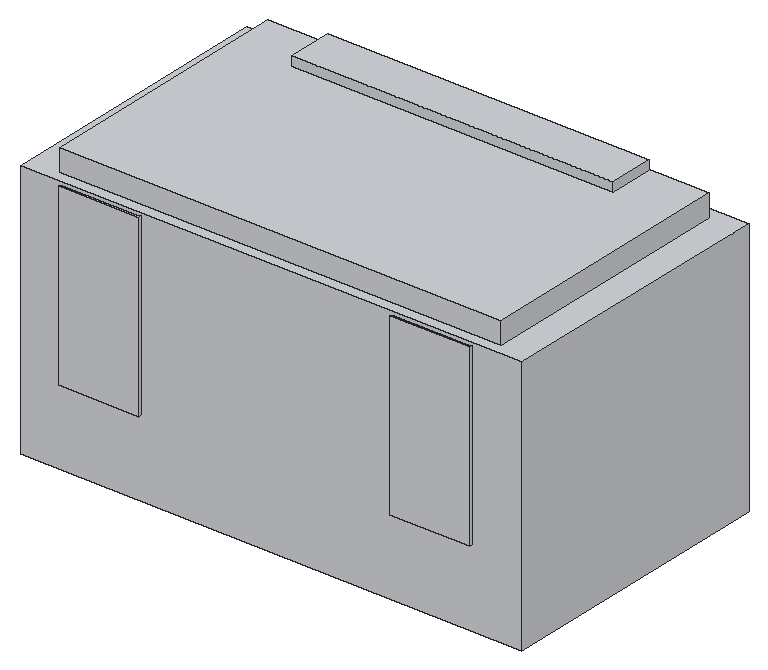
Revit family "GIS_Transformer_Tank", category Equipamento elétrico, Revit 2027
Family settings
  Configuração do painel = Duas colunas, circuitos transversais
  Cota do conector redondo = Utilizar diâmetro
  Tipo de parte = Painel de controle
  Com base no plano de trabalho = Não
  Sempre na vertical = Sim
  Corte com vazios quando carregada = Não
  Manter orientação da anotação = Não
  Compartilhado = Não
  Ponto de cálculo do ambiente = Não
Parameters (values of type "TR_40MVA_DAX_EA40_REFERENCE")
  Default Elevation = 0 mm
  built-in parameter 1140142 [instance] = (empty or 0)
  built-in parameter 1140140 [instance] = 1 (stored number, unit not read)
  BIM_TensaoSecundaria_kV = 13.8
  BIM_TensaoNominal_kV = 138
  BIM_TensaoClasse_kV = 145
  BIM_TensaoClasseSecundaria_kV = 17.5
  BIM_TensaoAuxiliarCA_kV = 0
  BIM_Sistema_Elemento [instance] = ""
  BIM_ReferenciaCatalogo = "DAX Energy TRP-EA40-DML-01 product page: 138/13.8 kV, 30/40 MVA, Dyn1, LTC, mineral oil and Z=11%; no public outline drawing identified; model envelope estimated and R8 Z=10% retained as the separate study baseline"
  BIM_Profundidade = 3500 mm
  BIM_Potencia_MVA = 40
  BIM_Localizacao [instance] = ""
  BIM_Largura = 6200 mm
  BIM_Impedancia_pu = 0.1
  BIM_FonteGeometria = "DAX Energy TRP-EA40-DML-01 product page: 138/13.8 kV, 30/40 MVA, Dyn1, LTC, mineral oil and Z=11%; no public outline drawing identified; model envelope estimated and R8 Z=10% retained as the separate study baseline"
  BIM_Fabricante = "NAO SELECIONADO"
  BIM_EstadoGeometria = "ESTIMATED_NO_OUTLINE_DRAWING"
  BIM_EstadoEspecificacao = "PREMISSA / NAO SELECIONADO"
  BIM_DescricaoEstudo = "Candidato de linha, não selecionado. Envelope externo estimado. Z=10% é hipótese-base R8; Z=11% é apenas sensibilidade associada ao candidato DAX."
  BIM_CorrenteReferenciaSecundaria_A = 1673.479
  BIM_CorrenteNominal_A = 167.3479
  BIM_Bay [instance] = ""
  BIM_AlturaCorpoPrincipal = 3192 mm
  BIM_Altura = 3800 mm
  built-in parameter 1155100 [instance] = (empty or 0)
Reference planes
  plane 1 "Centro (Frente/Trás)": y = 0
  plane 2: z = 0
  plane 3 "Centro (Esquerda/Direita)": x = 0
  plane 4 "BIM Left": x = -3100
  plane 5 "BIM Right": x = 3100
  plane 6 "BIM Front": y = -1750
  plane 7 "BIM Back": y = 1750
Forms (mm)
  Extrusion 1, solid
    sketch origin (0, 0, 0) x (1, 0, 0) y (0, 1, 0)
      loop
        line (-3100, -1750) -> (3100, -1750) -> (3100, 1750) -> (-3100, 1750) -> (-3100, -1750)
    from 0 to 3192 <- "BIM_AlturaCorpoPrincipal"
  Extrusion 2, solid
    sketch origin (0, 0, 3154) x (1, 0, 0) y (0, 1, 0)
      loop
        line (-2728, -1610) -> (2728, -1610) -> (2728, 1610) -> (-2728, 1610) -> (-2728, -1610)
    from 0 to 304
  Extrusion 3, solid
    sketch origin (0, 0, 950) x (1, 0, 0) y (0, 1, 0)
      loop
        line (-2604, -1780.48) -> (-1612, -1780.48) -> (-1612, -1750) -> (-2604, -1750) -> (-2604, -1780.48)
    from 0 to 2204
  Extrusion 4, solid
    sketch origin (0, 0, 950) x (1, 0, 0) y (0, 1, 0)
      loop
        line (1488, -1780.48) -> (2480, -1780.48) -> (2480, -1750) -> (1488, -1750) -> (1488, -1780.48)
    from 0 to 2204
  Extrusion 5, solid
    sketch origin (0, 0, 3306) x (1, 0, 0) y (0, 1, 0)
      loop
        line (-1984, 1050) -> (1984, 1050) -> (1984, 1610) -> (-1984, 1610) -> (-1984, 1050)
    from 0 to 266
Dimensions and locks
  "BIM_Largura": plane 4 "BIM Left" to plane 5 "BIM Right"
  "BIM_Profundidade": plane 6 "BIM Front" to plane 7 "BIM Back"
  aligned and locked: level to plane 2
  aligned and locked: plane 4 "BIM Left" to Extrusion 1
  aligned and locked: Extrusion 1 to plane 5 "BIM Right"
  aligned and locked: Extrusion 1 to plane 6 "BIM Front"
  aligned and locked: plane 7 "BIM Back" to Extrusion 1
Automatic sketch dimensions
  Extrusion 1 sketch curve to plane 4 "BIM Left" = 0 mm
  Extrusion 1 sketch curve to plane 5 "BIM Right" = 0 mm
  Extrusion 1 sketch curve to plane 6 "BIM Front" = 0 mm
  Extrusion 1 sketch curve to plane 7 "BIM Back" = 0 mm
  plane 6 "BIM Front" to Extrusion 2 sketch curve = 140 mm
  Extrusion 2 sketch curve to plane 4 "BIM Left" = 372 mm
  Extrusion 2 sketch curve to plane 7 "BIM Back" = 140 mm
  plane 5 "BIM Right" to Extrusion 2 sketch curve = 372 mm
  Extrusion 3 sketch curve to plane 6 "BIM Front" = 0 mm
  Extrusion 3 sketch curve to plane 6 "BIM Front" = 30.48 mm
  Extrusion 3 sketch curve to plane 4 "BIM Left" = 496 mm
  Extrusion 3 sketch curve to Extrusion 3 sketch curve = 992 mm
  Extrusion 4 sketch curve to plane 6 "BIM Front" = 0 mm
  Extrusion 4 sketch curve to plane 6 "BIM Front" = 30.48 mm
  plane 3 "Centro (Esquerda/Direita)" to Extrusion 4 sketch curve = 1488 mm
  plane 5 "BIM Right" to Extrusion 4 sketch curve = 620 mm
  Extrusion 5 sketch curve to plane 4 "BIM Left" = 1116 mm
  Extrusion 5 sketch curve to plane 7 "BIM Back" = 140 mm
  plane 5 "BIM Right" to Extrusion 5 sketch curve = 1116 mm
  Extrusion 5 sketch curve to Extrusion 5 sketch curve = 560 mm
